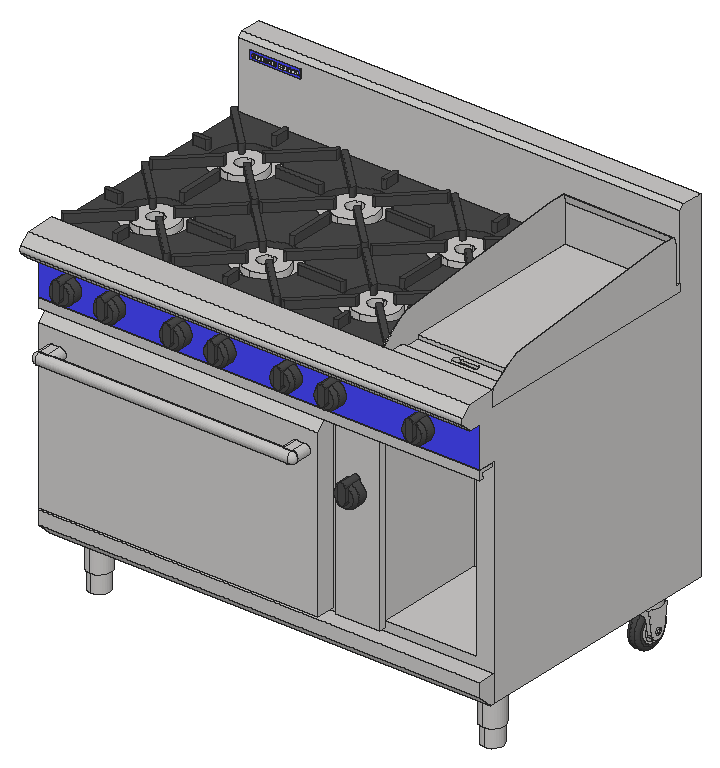
Revit family "QF_MOFFAT_BLUESEAL_CE_GE58C", category Specialty Equipment, Revit 2012 (continued)
Lines and regions (mm)
  symbolic lines
    curve 109: arc (636.836, -45.185, 0) -> (631.836, -43.845, 0) -> (628.176, -40.185, 0) r 10
    curve 110: line (628.176, -40.185, 0) -> (624.134, -33.185, 0)
    curve 111: arc (624.134, -33.185, 0) -> (624.134, -23.185, 0) -> (632.794, -18.185, 0) r 10
    curve 112: line (332.794, -18.185, 0) -> (560.753, -18.185, 0)
    curve 113: arc (560.753, -18.185, 0) -> (565.753, -19.525, 0) -> (569.413, -23.185, 0) r 10
    curve 114: line (569.413, -23.185, 0) -> (573.455, -30.185, 0)
    curve 115: arc (573.455, -30.185, 0) -> (573.455, -40.185, 0) -> (564.794, -45.185, 0) r 10
    curve 116: line (564.794, -45.185, 0) -> (336.836, -45.185, 0)
    curve 117: arc (336.836, -45.185, 0) -> (331.836, -43.845, 0) -> (328.176, -40.185, 0) r 10
    curve 118: line (328.176, -40.185, 0) -> (324.134, -33.185, 0)
    curve 119: arc (324.134, -33.185, 0) -> (324.134, -23.185, 0) -> (332.794, -18.185, 0) r 10
    curve 120: line (260.753, -18.185, 0) -> (32.794, -18.185, 0)
    curve 121: arc (32.794, -18.185, 0) -> (24.134, -23.185, 0) -> (24.134, -33.185, 0) r 10
    curve 122: line (24.134, -33.185, 0) -> (28.176, -40.185, 0)
    curve 123: arc (28.176, -40.185, 0) -> (31.836, -43.845, 0) -> (36.836, -45.185, 0) r 10
    curve 124: line (36.836, -45.185, 0) -> (264.794, -45.185, 0)
    curve 125: arc (264.794, -45.185, 0) -> (273.455, -40.185, 0) -> (273.455, -30.185, 0) r 10
    curve 126: line (273.455, -30.185, 0) -> (269.413, -23.185, 0)
    curve 127: arc (269.413, -23.185, 0) -> (265.753, -19.525, 0) -> (260.753, -18.185, 0) r 10
    curve 128: line (0, -57.5, 0) -> (1200, -57.5, 0)
    curve 129: line (0, -783.97, 0) -> (1200, -783.97, 0)
  symbolic lines, style "QF_Door-Drawer Clearances", visible <- "Show Clearance"
    curve 65: line (0, -1218.847, 0) -> (760, -1218.847, 0)
    curve 66: line (760, -1218.847, 0) -> (760, -812, 0)
    curve 67: line (0, -1218.847, 0) -> (0, -812, 0)
Dimensions and locks
  equal spacing: plane 3 "LEFT", plane 7 "Center Y", plane 4 "RIGHT"
  "Width": plane 3 "LEFT" to plane 4 "RIGHT"
  equal spacing: plane 5 "FRONT", plane 8 "Center X", plane 1 "BACK"
  plane 5 "FRONT" to plane 1 "BACK" = 812 mm  (x2)
  equal spacing: plane 4 "RIGHT", plane 7 "Center Y", plane 3 "LEFT"
  plane 4 "RIGHT" to plane 3 "LEFT" = 1200 mm
  "Height": plane 6 "TOP" to level
  plane 10 to plane 1 "BACK" = 574.272 mm
  plane 12 to plane 1 "BACK" = 304.972 mm  (x2)
  plane 11 to plane 3 "LEFT" = 60 mm
  plane 14 to plane 3 "LEFT" = 74 mm
  plane 9 to plane 3 "LEFT" = 280 mm
  "Depth": plane 1 "BACK" to plane 15
  plane 5 "FRONT" to plane 15 = 0 mm
  plane 6 "TOP" to plane 2 = 970 mm
  plane 2 to Extrusion 1 sketch curve = 875 mm
  locked: plane 2 to Extrusion 1 sketch curve at 915
  locked: plane 4 "RIGHT" to plane 16 at 65.5
  Extrusion 8 sketch curve to plane 20 = 64.8 mm
  Extrusion 31 sketch curve to plane 4 "RIGHT" = 374 mm
  Extrusion 31 sketch curve to plane 1 "BACK" = 501 mm
  plane 21 to level = 1085 mm
  Revolve 35 sketch curve to Revolve 35 sketch curve = 50.8 mm
  Revolve 39 sketch curve to Revolve 39 sketch curve = 50.8 mm
  aligned and locked: level to plane 2
  aligned and locked: curve 3 to plane 4 "RIGHT"
  aligned and locked: Extrusion 1 to plane 4 "RIGHT"
  aligned and locked: plane 16 to Revolve 4
  aligned and locked: Extrusion 26 to Extrusion 2
Automatic sketch dimensions
  Extrusion 2 sketch curve to Extrusion 2 sketch curve = 24 mm
  Extrusion 2 sketch curve to Extrusion 2 sketch curve = 50 mm
  level to Extrusion 2 sketch curve = 227.5 mm
  Extrusion 3 sketch curve to Extrusion 3 sketch curve = 15 mm
  level to Extrusion 3 sketch curve = 227.5 mm
  Revolve 4 sketch curve to level = 0 mm
  Revolve 4 sketch curve to plane 10 = 82.478 mm
  Revolve 4 sketch curve to Revolve 4 sketch curve = 4.25 mm
  Revolve 4 sketch curve to Revolve 4 sketch curve = 27.5 mm  (x2)
  level to Revolve 4 sketch curve = 50 mm
  Revolve 4 sketch curve to Revolve 4 sketch curve = 0 mm
  Revolve 4 sketch curve to Revolve 4 sketch curve = 100 mm
  Revolve 4 sketch curve to Revolve 4 sketch curve = 55 mm
  Revolve 5 sketch curve to level = 0 mm
  Revolve 5 sketch curve to plane 10 = 82.478 mm
  Revolve 5 sketch curve to Revolve 5 sketch curve = 4.25 mm
  Revolve 5 sketch curve to Revolve 5 sketch curve = 27.5 mm  (x2)
  Revolve 5 sketch curve to level = 55 mm
  Revolve 5 sketch curve to Revolve 5 sketch curve = 50 mm
  Revolve 5 sketch curve to Revolve 5 sketch curve = 0 mm
  Revolve 5 sketch curve to Revolve 5 sketch curve = 100 mm
  plane 17 to Extrusion 6 sketch curve = 0 mm
  Extrusion 6 sketch curve to plane 16 = 64.5 mm
  Revolve 10 sketch curve to plane 5 "FRONT" = 19 mm
  Revolve 10 sketch curve to Revolve 10 sketch curve = 0 mm  (x2)
  Revolve 10 sketch curve to Revolve 10 sketch curve = 11 mm
  Revolve 10 sketch curve to Revolve 10 sketch curve = 12.7 mm
  Revolve 10 sketch curve to Revolve 10 sketch curve = 23 mm
  Revolve 10 sketch curve to Revolve 10 sketch curve = 10 mm
  plane 18 to Revolve 10 sketch curve = 141.882 mm
  Revolve 10 sketch curve to Revolve 10 sketch curve = 5 mm
  Revolve 10 sketch curve to Revolve 10 sketch curve = 26.651 mm
  Revolve 10 sketch curve to Revolve 10 sketch curve = 5.849 mm
  Revolve 11 sketch curve to plane 5 "FRONT" = 19 mm
  Revolve 11 sketch curve to Revolve 11 sketch curve = 0 mm  (x2)
  Revolve 11 sketch curve to Revolve 11 sketch curve = 11 mm
  Revolve 11 sketch curve to Revolve 11 sketch curve = 12.7 mm
  Revolve 11 sketch curve to Revolve 11 sketch curve = 23 mm
  Revolve 11 sketch curve to Revolve 11 sketch curve = 10 mm
  plane 18 to Revolve 11 sketch curve = 141.882 mm
  Revolve 11 sketch curve to Revolve 11 sketch curve = 5 mm
  Revolve 11 sketch curve to Revolve 11 sketch curve = 26.651 mm
  Revolve 11 sketch curve to Revolve 11 sketch curve = 5.849 mm
  Revolve 12 sketch curve to plane 5 "FRONT" = 19 mm
  Revolve 12 sketch curve to Revolve 12 sketch curve = 0 mm  (x2)
  Revolve 12 sketch curve to Revolve 12 sketch curve = 11 mm
  Revolve 12 sketch curve to Revolve 12 sketch curve = 12.7 mm
  Revolve 12 sketch curve to Revolve 12 sketch curve = 23 mm
  Revolve 12 sketch curve to Revolve 12 sketch curve = 10 mm
  plane 18 to Revolve 12 sketch curve = 174.382 mm
  Revolve 12 sketch curve to Revolve 12 sketch curve = 5.849 mm
  Revolve 12 sketch curve to Revolve 12 sketch curve = 27.5 mm
  Revolve 12 sketch curve to Revolve 12 sketch curve = 5 mm
  Revolve 13 sketch curve to plane 5 "FRONT" = 19 mm
  Revolve 13 sketch curve to Revolve 13 sketch curve = 0 mm  (x2)
  Revolve 13 sketch curve to Revolve 13 sketch curve = 11 mm
  Revolve 13 sketch curve to Revolve 13 sketch curve = 12.7 mm
  Revolve 13 sketch curve to Revolve 13 sketch curve = 23 mm
  Revolve 13 sketch curve to Revolve 13 sketch curve = 10 mm
  plane 18 to Revolve 13 sketch curve = 174.382 mm
  Revolve 13 sketch curve to Revolve 13 sketch curve = 5.849 mm
  Revolve 13 sketch curve to Revolve 13 sketch curve = 27.5 mm
  Revolve 13 sketch curve to Revolve 13 sketch curve = 5 mm
  Revolve 14 sketch curve to plane 5 "FRONT" = 19 mm
  Revolve 14 sketch curve to Revolve 14 sketch curve = 0 mm  (x2)
  Revolve 14 sketch curve to Revolve 14 sketch curve = 11 mm
  Revolve 14 sketch curve to Revolve 14 sketch curve = 12.7 mm
  Revolve 14 sketch curve to Revolve 14 sketch curve = 23 mm
  Revolve 14 sketch curve to Revolve 14 sketch curve = 10 mm
  plane 18 to Revolve 14 sketch curve = 174.382 mm
  Revolve 14 sketch curve to Revolve 14 sketch curve = 5.849 mm
  Revolve 14 sketch curve to Revolve 14 sketch curve = 27.5 mm
  Revolve 14 sketch curve to Revolve 14 sketch curve = 5 mm
  Revolve 15 sketch curve to plane 5 "FRONT" = 19 mm
  Revolve 15 sketch curve to Revolve 15 sketch curve = 0 mm  (x2)
  Revolve 15 sketch curve to Revolve 15 sketch curve = 11 mm
  Revolve 15 sketch curve to Revolve 15 sketch curve = 12.7 mm
  Revolve 15 sketch curve to Revolve 15 sketch curve = 23 mm
  Revolve 15 sketch curve to Revolve 15 sketch curve = 10 mm
  plane 18 to Revolve 15 sketch curve = 174.382 mm
  Revolve 15 sketch curve to Revolve 15 sketch curve = 5.849 mm
  Revolve 15 sketch curve to Revolve 15 sketch curve = 27.5 mm
  Revolve 15 sketch curve to Revolve 15 sketch curve = 5 mm
  Revolve 16 sketch curve to plane 5 "FRONT" = 19 mm
  Revolve 16 sketch curve to Revolve 16 sketch curve = 0 mm  (x2)
  Revolve 16 sketch curve to Revolve 16 sketch curve = 11 mm
  Revolve 16 sketch curve to Revolve 16 sketch curve = 12.7 mm
  Revolve 16 sketch curve to Revolve 16 sketch curve = 23 mm
  Revolve 16 sketch curve to Revolve 16 sketch curve = 10 mm
  plane 18 to Revolve 16 sketch curve = 141.882 mm
  Revolve 16 sketch curve to Revolve 16 sketch curve = 5 mm
  Revolve 16 sketch curve to Revolve 16 sketch curve = 26.651 mm
  Revolve 16 sketch curve to Revolve 16 sketch curve = 5.849 mm
  plane 14 to Extrusion 17 sketch curve = 26.156 mm
  plane 14 to Extrusion 17 sketch curve = 16.156 mm
  plane 18 to Extrusion 17 sketch curve = 168.882 mm
  Extrusion 17 sketch curve to Extrusion 17 sketch curve = 35 mm
  Extrusion 18 sketch curve to plane 9 = 59.844 mm
  Extrusion 18 sketch curve to Extrusion 18 sketch curve = 10 mm
  plane 18 to Extrusion 18 sketch curve = 168.882 mm
  Extrusion 18 sketch curve to Extrusion 18 sketch curve = 35 mm
  plane 9 to Extrusion 19 sketch curve = 120.132 mm
  Extrusion 19 sketch curve to Extrusion 19 sketch curve = 10 mm
  plane 18 to Extrusion 19 sketch curve = 168.882 mm
  Extrusion 19 sketch curve to Extrusion 19 sketch curve = 35 mm
  Extrusion 20 sketch curve to plane 7 "Center Y" = 79.868 mm
  Extrusion 20 sketch curve to Extrusion 20 sketch curve = 10 mm
  plane 18 to Extrusion 20 sketch curve = 168.882 mm
  Extrusion 20 sketch curve to Extrusion 20 sketch curve = 35 mm
  plane 7 "Center Y" to Extrusion 21 sketch curve = 100.108 mm
  Extrusion 21 sketch curve to Extrusion 21 sketch curve = 10 mm
  plane 18 to Extrusion 21 sketch curve = 168.882 mm
  Extrusion 21 sketch curve to Extrusion 21 sketch curve = 35 mm
  plane 7 "Center Y" to Extrusion 22 sketch curve = 220.108 mm
  Extrusion 22 sketch curve to Extrusion 22 sketch curve = 10 mm
  plane 18 to Extrusion 22 sketch curve = 168.882 mm
  Extrusion 22 sketch curve to Extrusion 22 sketch curve = 35 mm
  Extrusion 23 sketch curve to plane 16 = 74.993 mm
  Extrusion 23 sketch curve to Extrusion 23 sketch curve = 10 mm
  plane 18 to Extrusion 23 sketch curve = 168.882 mm
  Extrusion 23 sketch curve to Extrusion 23 sketch curve = 35 mm
  Revolve 24 sketch curve to plane 5 "FRONT" = 54 mm
  Revolve 24 sketch curve to Revolve 24 sketch curve = 0 mm  (x2)
  Revolve 24 sketch curve to Revolve 24 sketch curve = 11 mm
  Revolve 24 sketch curve to Revolve 24 sketch curve = 12.7 mm
  Revolve 24 sketch curve to Revolve 24 sketch curve = 23 mm
  Revolve 24 sketch curve to Revolve 24 sketch curve = 10 mm
  Revolve 24 sketch curve to plane 18 = 104.368 mm
  Revolve 24 sketch curve to Revolve 24 sketch curve = 5 mm
  Revolve 24 sketch curve to Revolve 24 sketch curve = 26.651 mm
  Revolve 24 sketch curve to Revolve 24 sketch curve = 5.849 mm
  plane 7 "Center Y" to Extrusion 25 sketch curve = 227.344 mm
  Extrusion 25 sketch curve to Extrusion 25 sketch curve = 10 mm
  Extrusion 25 sketch curve to plane 18 = 112.368 mm
  Extrusion 25 sketch curve to Extrusion 25 sketch curve = 35 mm
  Extrusion 7 sketch curve to Extrusion 1 = 50 mm
  Extrusion 1 to Extrusion 7 sketch curve = 60.219 mm
  Extrusion 1 to Extrusion 7 sketch curve = 96 mm
  Extrusion 7 sketch curve to Extrusion 7 sketch curve = 250 mm
  Extrusion 26 sketch curve to Extrusion 2 = 0 mm  (x2)
  Extrusion 26 sketch curve to Extrusion 26 sketch curve = 469.847 mm
  Extrusion 27 sketch curve to plane 16 = 0.512 mm
  Extrusion 27 sketch curve to Extrusion 27 sketch curve = 81 mm
  Extrusion 27 sketch curve to plane 17 = 6.76 mm
  Extrusion 27 sketch curve to Extrusion 27 sketch curve = 48.5 mm
  Extrusion 27 sketch curve to plane 1 "BACK" = 30.24 mm
  Extrusion 27 sketch curve to plane 17 = 55.26 mm
  Extrusion 3 sketch curve to plane 5 "FRONT" = 98 mm
  plane 18 to Extrusion 3 sketch curve = 45 mm
  Extrusion 28 sketch curve to plane 11 = 1.472 mm
  Extrusion 28 sketch curve to plane 18 = 46.875 mm  (x2)
  Extrusion 28 sketch curve to Extrusion 28 sketch curve = 15 mm  (x2)
  plane 7 "Center Y" to Extrusion 28 sketch curve = 102.757 mm
  Extrusion 28 sketch curve to Extrusion 28 sketch curve = 20.282 mm  (x2)
  Revolve 29 sketch curve to plane 3 "LEFT" = 6.961 mm
  plane 3 "LEFT" to Revolve 29 sketch curve = 23.246 mm
  Revolve 29 sketch curve to plane 18 = 16.875 mm
  Revolve 29 sketch curve to Revolve 29 sketch curve = 15 mm
  Revolve 29 sketch curve to plane 7 "Center Y" = 11.961 mm
  plane 7 "Center Y" to Revolve 29 sketch curve = 123.039 mm
  Revolve 29 sketch curve to Revolve 29 sketch curve = 0 mm
  Extrusion 30 sketch curve to Extrusion 30 sketch curve = 0 mm  (x13)
  Extrusion 1 to Extrusion 30 sketch curve = 167.5 mm  (x3)
  Extrusion 30 sketch curve to Extrusion 1 = 167.5 mm  (x3)
  Extrusion 1 to Extrusion 30 sketch curve = 150 mm  (x2)
  Extrusion 30 sketch curve to Extrusion 30 sketch curve = 300 mm  (x3)
  plane 22 to Extrusion 8 sketch curve = 0 mm
  Extrusion 8 sketch curve to plane 22 = 3 mm  (x2)
  plane 10 to Extrusion 8 sketch curve = 36.504 mm  (x3)
  plane 12 to Extrusion 8 sketch curve = 67.472 mm  (x3)
  Extrusion 8 sketch curve to plane 17 = 42 mm  (x2)
  plane 4 "RIGHT" to Extrusion 8 sketch curve = 303 mm
  plane 14 to Extrusion 8 sketch curve = 76 mm  (x2)
  Extrusion 8 sketch curve to plane 7 "Center Y" = 150 mm  (x2)
  plane 7 "Center Y" to Extrusion 8 sketch curve = 150 mm  (x2)
  Split face 1 sketch curve to cut or joined group of Extrusion 1, Extrusion 7, Extrusion 27 = 27.315 mm
  Split face 1 sketch curve to cut or joined group of Extrusion 1, Extrusion 7, Extrusion 27 = 926.545 mm
  Split face 1 sketch curve to cut or joined group of Extrusion 1, Extrusion 7, Extrusion 27 = 23.185 mm
  Split face 1 sketch curve to Split face 1 sketch curve = 4.041 mm  (x4)
  Split face 1 sketch curve to Split face 1 sketch curve = 8.66 mm  (x2)
  Split face 1 sketch curve to cut or joined group of Extrusion 1, Extrusion 7, Extrusion 27 = 22.315 mm
  Split face 1 sketch curve to Split face 1 sketch curve = 223.917 mm
  Split face 1 sketch curve to cut or joined group of Extrusion 1, Extrusion 7, Extrusion 27 = 17.315 mm
  Split face 1 sketch curve to Split face 1 sketch curve = 17 mm
  Split face 1 sketch curve to Split face 1 sketch curve = 7 mm
  Split face 2 sketch curve to cut or joined group of Extrusion 1, Extrusion 7, Extrusion 27 = 27.315 mm
  Split face 2 sketch curve to cut or joined group of Extrusion 1, Extrusion 7, Extrusion 27 = 626.545 mm
  Split face 2 sketch curve to cut or joined group of Extrusion 1, Extrusion 7, Extrusion 27 = 23.185 mm
  Split face 2 sketch curve to Split face 2 sketch curve = 4.041 mm  (x4)
  Split face 2 sketch curve to Split face 2 sketch curve = 8.66 mm  (x2)
  Split face 2 sketch curve to cut or joined group of Extrusion 1, Extrusion 7, Extrusion 27 = 22.315 mm
  Split face 2 sketch curve to Split face 2 sketch curve = 223.917 mm
  Split face 2 sketch curve to cut or joined group of Extrusion 1, Extrusion 7, Extrusion 27 = 17.315 mm
  Split face 2 sketch curve to Split face 2 sketch curve = 17 mm
  Split face 2 sketch curve to Split face 2 sketch curve = 7 mm
  Split face 3 sketch curve to cut or joined group of Extrusion 1, Extrusion 7, Extrusion 27 = 27.315 mm
  Split face 3 sketch curve to cut or joined group of Extrusion 1, Extrusion 7, Extrusion 27 = 326.545 mm
  Split face 3 sketch curve to cut or joined group of Extrusion 1, Extrusion 7, Extrusion 27 = 23.185 mm
  Split face 3 sketch curve to Split face 3 sketch curve = 4.041 mm  (x4)
  Split face 3 sketch curve to Split face 3 sketch curve = 8.66 mm  (x2)
  Split face 3 sketch curve to cut or joined group of Extrusion 1, Extrusion 7, Extrusion 27 = 22.315 mm
  Split face 3 sketch curve to Split face 3 sketch curve = 223.917 mm
  Split face 3 sketch curve to cut or joined group of Extrusion 1, Extrusion 7, Extrusion 27 = 17.315 mm
  Split face 3 sketch curve to Split face 3 sketch curve = 17 mm
  Split face 3 sketch curve to Split face 3 sketch curve = 7 mm
  Split face 4 sketch curve to cut or joined group of Extrusion 1, Extrusion 7, Extrusion 27 = 27.315 mm
  Split face 4 sketch curve to cut or joined group of Extrusion 1, Extrusion 7, Extrusion 27 = 26.545 mm
  Split face 4 sketch curve to cut or joined group of Extrusion 1, Extrusion 7, Extrusion 27 = 23.185 mm
  Split face 4 sketch curve to Split face 4 sketch curve = 4.041 mm  (x4)
  Split face 4 sketch curve to Split face 4 sketch curve = 8.66 mm  (x2)
  Split face 4 sketch curve to cut or joined group of Extrusion 1, Extrusion 7, Extrusion 27 = 22.315 mm
  Split face 4 sketch curve to Split face 4 sketch curve = 223.917 mm
  Split face 4 sketch curve to cut or joined group of Extrusion 1, Extrusion 7, Extrusion 27 = 17.315 mm
  Split face 4 sketch curve to Split face 4 sketch curve = 17 mm
  Split face 4 sketch curve to Split face 4 sketch curve = 7 mm
  Extrusion 9 sketch curve to plane 17 = 61.602 mm  (x4)
  plane 9 to Extrusion 9 sketch curve = 4.847 mm  (x3)
  Extrusion 9 sketch curve to Extrusion 9 sketch curve = 0 mm  (x15)
  plane 3 "LEFT" to Extrusion 9 sketch curve = 15.153 mm
  Extrusion 9 sketch curve to plane 7 "Center Y" = 15.153 mm  (x3)
  plane 7 "Center Y" to Extrusion 9 sketch curve = 15.153 mm
  Extrusion 9 sketch curve to Extrusion 9 sketch curve = 4.525 mm  (x36)
  Extrusion 9 sketch curve to plane 17 = 67.398 mm  (x3)
  Extrusion 9 sketch curve to Extrusion 9 sketch curve = 36.204 mm  (x3)
  Extrusion 9 sketch curve to Extrusion 9 sketch curve = 65.923 mm  (x3)
  Extrusion 9 sketch curve to plane 11 = 9.416 mm  (x2)
  Extrusion 9 sketch curve to Extrusion 9 sketch curve = 19.533 mm
  Extrusion 9 sketch curve to Extrusion 9 sketch curve = 20.524 mm  (x11)
  Extrusion 9 sketch curve to Extrusion 9 sketch curve = 6.4 mm  (x17)
  plane 12 to Extrusion 9 sketch curve = 40.548 mm  (x6)
  Extrusion 9 sketch curve to plane 12 = 24.426 mm  (x3)
  Extrusion 9 sketch curve to plane 13 = 7.374 mm  (x6)
  plane 8 "Center X" to Extrusion 9 sketch curve = 8.898 mm  (x6)
  plane 8 "Center X" to Extrusion 9 sketch curve = 4.372 mm  (x6)
  Extrusion 9 sketch curve to plane 8 "Center X" = 43.102 mm  (x3)
  Extrusion 9 sketch curve to Extrusion 9 sketch curve = 55.923 mm  (x9)
  plane 10 to Extrusion 9 sketch curve = 43.646 mm
  plane 10 to Extrusion 9 sketch curve = 43.172 mm  (x3)
  plane 10 to Extrusion 9 sketch curve = 9.848 mm  (x6)
  plane 10 to Extrusion 9 sketch curve = 5.323 mm  (x6)
  Extrusion 9 sketch curve to plane 10 = 65.126 mm  (x3)
  plane 9 to Extrusion 9 sketch curve = 13.898 mm
  Extrusion 9 sketch curve to plane 22 = 32.653 mm  (x4)
  plane 7 "Center Y" to Extrusion 9 sketch curve = 6.102 mm  (x3)
  Extrusion 9 sketch curve to plane 7 "Center Y" = 6.102 mm
  plane 3 "LEFT" to Extrusion 9 sketch curve = 6.102 mm  (x3)
  Extrusion 9 sketch curve to plane 22 = 29.398 mm  (x3)
  plane 3 "LEFT" to Extrusion 9 sketch curve = 16.591 mm  (x2)
  plane 14 to Extrusion 9 sketch curve = 40.025 mm  (x4)
  plane 14 to Extrusion 9 sketch curve = 69.6 mm
  Extrusion 9 sketch curve to Extrusion 9 sketch curve = 53.847 mm  (x12)
  Extrusion 9 sketch curve to plane 9 = 38.102 mm  (x2)
  Extrusion 9 sketch curve to Extrusion 9 sketch curve = 12.205 mm  (x4)
  plane 9 to Extrusion 9 sketch curve = 78.102 mm  (x2)
  Extrusion 9 sketch curve to plane 7 "Center Y" = 58.102 mm  (x2)
  plane 7 "Center Y" to Extrusion 9 sketch curve = 58.102 mm  (x2)
  Extrusion 9 sketch curve to Extrusion 9 sketch curve = 128.447 mm  (x3)
  Extrusion 9 sketch curve to Extrusion 9 sketch curve = 49.974 mm  (x2)
  Extrusion 8 sketch curve to Extrusion 8 sketch curve = 3 mm
  curve 22 to curve 68 = 0 mm
  curve 23 to curve 69 = 0 mm
  curve 23 to curve 84 = 0 mm
  curve 24 to curve 90 = 0 mm
  curve 25 to curve 90 = 0 mm
  curve 31 to curve 86 = 0 mm
  curve 32 to curve 71 = 0 mm  (x2)
  curve 33 to curve 76 = 0 mm  (x2)
  curve 33 to curve 89 = 0 mm
  curve 61 to curve 93 = 0 mm
  curve 62 to curve 93 = 0 mm
  curve 63 to curve 94 = 0 mm
  curve 64 to curve 95 = 0 mm
  curve 68 to curve 85 = 0 mm
  curve 70 to curve 86 = 0 mm
  curve 77 to curve 89 = 0 mm
  plane 1 "BACK" to curve 1 = 0 mm
  curve 1 to plane 3 "LEFT" = 0 mm
  plane 5 "FRONT" to curve 9 = 0 mm
  plane 22 to curve 80 = 0 mm
  curve 82 to plane 7 "Center Y" = 0 mm
  plane 3 "LEFT" to curve 18 = 6.08 mm
  plane 3 "LEFT" to curve 12 = 6.08 mm
  plane 3 "LEFT" to curve 14 = 6.83 mm
  plane 3 "LEFT" to curve 20 = 9.883 mm
  plane 3 "LEFT" to curve 59 = 14.678 mm
  plane 3 "LEFT" to curve 60 = 14.678 mm
  plane 3 "LEFT" to curve 9 = 22.65 mm
  curve 122 to plane 17 = 1.185 mm
  plane 3 "LEFT" to curve 122 = 24.134 mm
  curve 121 to curve 123 = 4.041 mm
  curve 121 to curve 120 = 8.66 mm
  curve 123 to curve 124 = 8.66 mm
  curve 9 to plane 11 = 11.111 mm
  curve 59 to plane 11 = 10.322 mm
  curve 60 to plane 11 = 10.322 mm
  curve 9 to plane 11 = 9.192 mm
  plane 10 to curve 20 = 8.826 mm
  plane 14 to curve 20 = 47.515 mm
  plane 14 to curve 12 = 47.515 mm
  plane 14 to curve 18 = 47.515 mm
  plane 14 to curve 14 = 47.515 mm
  curve 20 to curve 54 = 27.682 mm
  plane 14 to curve 53 = 75.197 mm
  curve 48 to plane 12 = 20.285 mm
  curve 14 to curve 48 = 28.103 mm
  curve 54 to curve 72 = 0.803 mm
  plane 12 to curve 22 = 10.472 mm
  curve 48 to curve 22 = 0.382 mm
  curve 24 to curve 72 = 0 mm
  curve 84 to curve 13 = 28.485 mm
  plane 10 to curve 21 = 8.826 mm
  curve 90 to curve 21 = 28.485 mm
  plane 12 to curve 15 = 39.794 mm
  curve 84 to curve 15 = 28.485 mm
  curve 90 to curve 19 = 28.485 mm
  curve 16 to plane 9 = 42.22 mm
  curve 17 to plane 9 = 42.22 mm
  plane 17 to curve 127 = 3.815 mm
  curve 127 to plane 9 = 19.247 mm
  curve 125 to plane 17 = 3.185 mm
  curve 127 to curve 125 = 4.041 mm
  curve 127 to curve 126 = 8.66 mm
  plane 17 to curve 125 = 1.815 mm
  curve 125 to plane 9 = 6.545 mm
  plane 9 to curve 21 = 11.622 mm
  plane 9 to curve 15 = 12.516 mm
  plane 9 to curve 13 = 13.92 mm
  plane 9 to curve 19 = 13.92 mm
  plane 9 to curve 80 = 20.232 mm
  curve 13 to curve 26 = 12.16 mm
  plane 8 "Center X" to curve 40 = 7.845 mm
  curve 19 to curve 40 = 12.16 mm
  curve 15 to curve 28 = 14.753 mm
  curve 21 to curve 42 = 16.756 mm
  curve 119 to plane 17 = 1.185 mm
  plane 9 to curve 119 = 44.134 mm
  curve 118 to plane 17 = 8.185 mm
  curve 118 to curve 118 = 4.041 mm
  plane 17 to curve 119 = 13.815 mm
  curve 119 to curve 119 = 8.66 mm
  curve 117 to plane 17 = 3.185 mm
  curve 119 to curve 117 = 4.041 mm
  plane 10 to curve 17 = 36.462 mm
  plane 9 to curve 17 = 82.78 mm
  plane 9 to curve 16 = 82.78 mm
  plane 10 to curve 40 = 64.183 mm
  curve 17 to curve 40 = 58.735 mm
  plane 10 to curve 42 = 8.826 mm
  curve 42 to curve 40 = 0 mm
  plane 12 to curve 28 = 39.794 mm
  curve 16 to curve 28 = 58.735 mm
  curve 26 to curve 28 = 0 mm
  curve 56 to plane 22 = 30.193 mm
  curve 42 to curve 56 = 27.682 mm
  curve 26 to curve 55 = 27.682 mm
  curve 49 to plane 12 = 20.285 mm
  curve 28 to curve 49 = 28.103 mm
  curve 26 to curve 87 = 28.485 mm
  curve 40 to curve 61 = 28.485 mm
  curve 56 to curve 75 = 0.803 mm
  plane 12 to curve 29 = 39.794 mm
  curve 87 to curve 29 = 28.485 mm
  plane 10 to curve 43 = 8.826 mm
  curve 92 to curve 43 = 28.485 mm
  curve 87 to curve 27 = 28.485 mm
  curve 92 to curve 41 = 28.485 mm
  curve 30 to plane 7 "Center Y" = 62.22 mm
  curve 51 to plane 7 "Center Y" = 62.22 mm
  plane 17 to curve 113 = 3.815 mm
  curve 113 to plane 7 "Center Y" = 39.247 mm
  curve 115 to plane 17 = 3.185 mm
  curve 113 to curve 115 = 4.041 mm
  plane 17 to curve 113 = 8.815 mm
  plane 17 to curve 115 = 1.815 mm
  curve 29 to plane 7 "Center Y" = 7.327 mm
  curve 43 to plane 7 "Center Y" = 6.445 mm
  curve 41 to plane 7 "Center Y" = 6.08 mm
  curve 27 to plane 7 "Center Y" = 6.08 mm
  plane 7 "Center Y" to curve 35 = 6.08 mm
  plane 7 "Center Y" to curve 44 = 6.08 mm
  plane 7 "Center Y" to curve 46 = 7.19 mm
  plane 7 "Center Y" to curve 37 = 7.348 mm
  curve 110 to plane 17 = 1.185 mm
  plane 7 "Center Y" to curve 110 = 24.134 mm
  curve 111 to curve 109 = 4.041 mm  (x2)
  plane 17 to curve 104 = 13.815 mm
  curve 111 to curve 104 = 8.66 mm
  curve 109 to plane 17 = 3.185 mm
  plane 7 "Center Y" to curve 30 = 62.78 mm
  plane 7 "Center Y" to curve 51 = 62.78 mm
  curve 11 to plane 5 "FRONT" = 14.544 mm
  plane 7 "Center Y" to curve 11 = 118.108 mm
  curve 51 to curve 44 = 58.735 mm
  plane 10 to curve 46 = 8.826 mm
  curve 46 to curve 44 = 0 mm
  curve 30 to curve 35 = 58.735 mm
  plane 12 to curve 37 = 39.794 mm
  curve 37 to curve 35 = 0 mm
  curve 10 to curve 11 = 25.191 mm
  curve 35 to curve 57 = 27.682 mm
  curve 46 to curve 58 = 27.682 mm
  curve 50 to plane 12 = 20.285 mm
  curve 37 to curve 50 = 28.103 mm
  curve 50 to curve 64 = 0.382 mm
  curve 37 to curve 34 = 28.485 mm
  curve 50 to curve 79 = 0.382 mm
  curve 11 to curve 66 = 16.7 mm
  plane 12 to curve 38 = 39.794 mm
  curve 89 to curve 38 = 28.485 mm
  plane 10 to curve 45 = 64.183 mm
  curve 94 to curve 45 = 28.485 mm
  curve 89 to curve 36 = 28.485 mm
  plane 10 to curve 47 = 8.826 mm
  curve 95 to curve 47 = 28.485 mm
  curve 47 to curve 52 = 59.295 mm
  curve 38 to curve 39 = 59.295 mm
  curve 57 to curve 105 = 111.556 mm
  curve 107 to plane 17 = 3.185 mm
  curve 105 to curve 107 = 4.041 mm
  plane 17 to curve 106 = 8.815 mm
  curve 105 to curve 106 = 8.66 mm
  plane 17 to curve 107 = 1.815 mm
  curve 106 to curve 107 = 4.041 mm
  curve 47 to plane 22 = 24.95 mm
  curve 58 to curve 47 = 143.891 mm
  plane 8 "Center X" to curve 45 = 7.845 mm
  curve 52 to curve 45 = 56.14 mm
  curve 38 to plane 13 = 15.641 mm
  curve 38 to curve 45 = 0 mm
  curve 36 to plane 17 = 62.387 mm
  curve 107 to curve 36 = 29.126 mm
  curve 39 to curve 39 = 58.527 mm
  curve 52 to curve 52 = 58.637 mm
  curve 36 to curve 83 = 6.08 mm
  curve 98 to plane 17 = 1.185 mm
  curve 83 to curve 98 = 24.134 mm
  curve 98 to plane 17 = 8.185 mm
  curve 98 to curve 98 = 4.041 mm
  curve 97 to curve 97 = 8.66 mm
  curve 99 to plane 17 = 3.185 mm
  curve 97 to curve 99 = 4.041 mm
  plane 17 to curve 103 = 13.815 mm
  plane 16 to curve 103 = 26.253 mm
  curve 103 to curve 101 = 4.041 mm
  curve 103 to curve 103 = 8.66 mm
  plane 17 to curve 102 = 1.815 mm
  curve 102 to curve 102 = 4.041 mm
  curve 65 to curve 10 = 392.303 mm
  plane 22 to curve 6 = 3.3 mm
  curve 43 to plane 22 = 24.484 mm
  curve 43 to curve 46 = 0.745 mm
  curve 42 to plane 22 = 26.417 mm
  curve 21 to curve 42 = 0 mm
  curve 20 to plane 22 = 27.922 mm
  curve 54 to plane 22 = 30.193 mm
  curve 58 to plane 22 = 30.193 mm
  curve 58 to curve 58 = 40 mm
  curve 54 to curve 54 = 40 mm
  curve 56 to curve 56 = 40 mm
  curve 56 to curve 74 = 12.039 mm
  curve 58 to curve 78 = 12.039 mm
  curve 54 to curve 73 = 12.039 mm
  curve 62 to plane 10 = 20.228 mm
  curve 64 to plane 10 = 20.228 mm
  curve 24 to plane 10 = 20.228 mm
  plane 10 to curve 95 = 14.772 mm
  plane 10 to curve 92 = 14.772 mm
  plane 10 to curve 90 = 14.772 mm
  plane 10 to curve 51 = 36.462 mm
  plane 10 to curve 52 = 36.462 mm
  curve 94 to curve 78 = 21.732 mm
  curve 92 to curve 75 = 21.732 mm
  curve 90 to curve 72 = 21.732 mm
  curve 72 to curve 90 = 0.268 mm
  curve 78 to curve 95 = 0.268 mm
  curve 74 to curve 93 = 0.268 mm
  plane 10 to curve 60 = 37.763 mm
  curve 90 to curve 19 = 5.411 mm
  curve 92 to curve 41 = 5.411 mm
  curve 91 to curve 18 = 5.411 mm
  curve 94 to curve 44 = 5.411 mm
  curve 78 to curve 50 = 2.51 mm
  curve 72 to curve 48 = 2.51 mm
  curve 74 to curve 49 = 2.51 mm
  plane 8 "Center X" to curve 19 = 7.845 mm
  plane 8 "Center X" to curve 41 = 7.845 mm
  plane 8 "Center X" to curve 44 = 7.845 mm
  plane 8 "Center X" to curve 18 = 7.845 mm
  curve 18 to curve 81 = 7.846 mm
  curve 81 to curve 14 = 10.445 mm
  curve 28 to plane 13 = 14.452 mm
  curve 29 to plane 13 = 14.394 mm
  curve 37 to plane 13 = 14.373 mm
  curve 15 to plane 13 = 14.238 mm
  curve 49 to curve 70 = 2.758 mm
  curve 48 to curve 69 = 2.758 mm
  curve 50 to curve 76 = 2.758 mm
  plane 12 to curve 33 = 10.472 mm
  plane 12 to curve 32 = 10.472 mm
  plane 12 to curve 14 = 39.794 mm
  curve 15 to curve 84 = 5.678 mm
  curve 29 to curve 87 = 5.678 mm
  curve 37 to curve 88 = 5.678 mm
  curve 15 to curve 16 = 27.368 mm
  curve 37 to curve 30 = 27.368 mm
  curve 38 to curve 39 = 27.368 mm
  curve 88 to curve 34 = 22 mm
  curve 86 to curve 86 = 22 mm
  curve 84 to curve 23 = 22 mm
  plane 12 to curve 59 = 68.463 mm
  curve 89 to curve 36 = 5.678 mm
  curve 86 to curve 26 = 5.678 mm
  curve 87 to curve 27 = 5.678 mm
  curve 84 to curve 13 = 5.678 mm
  curve 85 to curve 12 = 5.678 mm
  curve 88 to curve 35 = 5.678 mm
  curve 77 to curve 57 = 12.693 mm
  curve 70 to curve 55 = 12.693 mm
  curve 68 to curve 53 = 12.693 mm
  curve 57 to curve 57 = 45 mm
  curve 55 to curve 55 = 45 mm
  curve 53 to curve 53 = 45 mm
  curve 13 to curve 125 = 49.201 mm
  curve 13 to curve 26 = 0 mm
  curve 27 to curve 115 = 49.201 mm
  curve 27 to curve 35 = 0 mm
  curve 12 to curve 123 = 49.201 mm
  curve 26 to curve 80 = 21.653 mm
  curve 8 to curve 4 = 2.734 mm
  curve 122 to curve 121 = 7 mm
  plane 17 to curve 103 = 3.815 mm
  plane 17 to curve 121 = 3.815 mm
  Extrusion 32 sketch curve to plane 17 = 99.75 mm
  Extrusion 32 sketch curve to Extrusion 32 sketch curve = 12.357 mm
  Extrusion 32 sketch curve to Extrusion 32 sketch curve = 19.393 mm  (x2)
  level to Extrusion 32 sketch curve = 45.111 mm
  Extrusion 32 sketch curve to plane 17 = 36.25 mm
  Extrusion 32 sketch curve to Extrusion 32 sketch curve = 4.889 mm
  Extrusion 32 sketch curve to Extrusion 32 sketch curve = 64.889 mm
  Revolve 33 sketch curve to plane 17 = 103.75 mm
  Revolve 33 sketch curve to plane 17 = 68 mm
  Revolve 33 sketch curve to Revolve 33 sketch curve = 35.75 mm
  Revolve 33 sketch curve to level = 55 mm
  level to Revolve 33 sketch curve = 50 mm
  Revolve 33 sketch curve to Revolve 33 sketch curve = 60 mm
  Revolve 33 sketch curve to Revolve 33 sketch curve = 40 mm
  Revolve 34 sketch curve to plane 17 = 103.75 mm
  Revolve 34 sketch curve to plane 17 = 68 mm
  Revolve 34 sketch curve to Revolve 34 sketch curve = 35.75 mm
  level to Revolve 34 sketch curve = 150 mm
  Revolve 34 sketch curve to Revolve 34 sketch curve = 40 mm
  level to Revolve 34 sketch curve = 50 mm
  Revolve 34 sketch curve to level = 55 mm
  Revolve 35 sketch curve to plane 16 = 34.382 mm
  Revolve 35 sketch curve to Revolve 35 sketch curve = 1.27 mm  (x4)
  Revolve 35 sketch curve to Revolve 35 sketch curve = 1.524 mm  (x2)
  Revolve 35 sketch curve to Revolve 35 sketch curve = 12.146 mm  (x2)
  Revolve 35 sketch curve to plane 16 = 16.68 mm
  Revolve 35 sketch curve to Revolve 35 sketch curve = 0.794 mm  (x2)
  Revolve 35 sketch curve to Revolve 35 sketch curve = 3.57 mm
  Revolve 35 sketch curve to Revolve 35 sketch curve = 2.143 mm
  Revolve 35 sketch curve to plane 16 = 6.361 mm
  plane 16 to Revolve 35 sketch curve = 5.13 mm
  plane 16 to Revolve 35 sketch curve = 6.339 mm
  plane 16 to Revolve 35 sketch curve = 14.515 mm
  Revolve 35 sketch curve to Revolve 35 sketch curve = 1.349 mm  (x2)
  Revolve 35 sketch curve to Revolve 35 sketch curve = 3.556 mm
  Revolve 35 sketch curve to plane 4 "RIGHT" = 2.18 mm
  level to Revolve 35 sketch curve = 50.8 mm
  Revolve 35 sketch curve to Revolve 35 sketch curve = 0 mm
  Revolve 35 sketch curve to Revolve 35 sketch curve = 3.505 mm  (x2)
  Revolve 35 sketch curve to Revolve 35 sketch curve = 3.447 mm  (x2)
  Revolve 35 sketch curve to Revolve 35 sketch curve = 9.964 mm
  Revolve 35 sketch curve to Revolve 35 sketch curve = 10.045 mm
  Revolve 35 sketch curve to Revolve 35 sketch curve = 2.053 mm
  Revolve 35 sketch curve to Revolve 35 sketch curve = 2.061 mm
  Revolve 35 sketch curve to Revolve 35 sketch curve = 8.247 mm
  Revolve 35 sketch curve to Revolve 35 sketch curve = 8.336 mm
  Revolve 35 sketch curve to Revolve 35 sketch curve = 6.35 mm  (x2)
  Extrusion 36 sketch curve to plane 17 = 99.75 mm
  Extrusion 36 sketch curve to Extrusion 36 sketch curve = 12.357 mm
  Extrusion 36 sketch curve to Extrusion 36 sketch curve = 19.393 mm  (x2)
  level to Extrusion 36 sketch curve = 45.111 mm
  Extrusion 36 sketch curve to plane 17 = 36.25 mm
  Extrusion 36 sketch curve to Extrusion 36 sketch curve = 4.889 mm
  Extrusion 36 sketch curve to Extrusion 36 sketch curve = 64.889 mm
  Revolve 37 sketch curve to level = 0 mm
  Revolve 37 sketch curve to plane 17 = 99.75 mm
  Revolve 37 sketch curve to Revolve 37 sketch curve = 4.25 mm
  Revolve 37 sketch curve to Revolve 37 sketch curve = 27.5 mm  (x2)
  Revolve 37 sketch curve to level = 55 mm
  Revolve 37 sketch curve to Revolve 37 sketch curve = 50 mm
  Revolve 37 sketch curve to Revolve 37 sketch curve = 0 mm
  Revolve 37 sketch curve to Revolve 37 sketch curve = 100 mm
  Revolve 38 sketch curve to level = 0 mm
  Revolve 38 sketch curve to plane 17 = 99.75 mm
  Revolve 38 sketch curve to Revolve 38 sketch curve = 4.25 mm
  Revolve 38 sketch curve to Revolve 38 sketch curve = 27.5 mm  (x2)
  level to Revolve 38 sketch curve = 50 mm
  Revolve 38 sketch curve to Revolve 38 sketch curve = 0 mm
  Revolve 38 sketch curve to Revolve 38 sketch curve = 100 mm
  Revolve 38 sketch curve to Revolve 38 sketch curve = 55 mm
  plane 14 to Revolve 39 sketch curve = 25.382 mm
  Revolve 39 sketch curve to Revolve 39 sketch curve = 1.27 mm  (x4)
  Revolve 39 sketch curve to Revolve 39 sketch curve = 1.524 mm  (x2)
  plane 14 to Revolve 39 sketch curve = 10.442 mm
  plane 14 to Revolve 39 sketch curve = 7.68 mm
  Revolve 39 sketch curve to Revolve 39 sketch curve = 0.794 mm  (x2)
  Revolve 39 sketch curve to Revolve 39 sketch curve = 3.57 mm
  Revolve 39 sketch curve to Revolve 39 sketch curve = 2.143 mm
  Revolve 39 sketch curve to plane 14 = 2.639 mm
  Revolve 39 sketch curve to plane 11 = 0.13 mm
  Revolve 39 sketch curve to plane 11 = 1.339 mm
  Revolve 39 sketch curve to plane 11 = 9.515 mm
  Revolve 39 sketch curve to Revolve 39 sketch curve = 1.349 mm  (x2)
  Revolve 39 sketch curve to Revolve 39 sketch curve = 3.556 mm
  Revolve 39 sketch curve to Revolve 39 sketch curve = 12.146 mm
  Revolve 39 sketch curve to plane 3 "LEFT" = 2.68 mm
  level to Revolve 39 sketch curve = 101.6 mm
  Revolve 39 sketch curve to Revolve 39 sketch curve = 6.35 mm  (x4)
  Revolve 39 sketch curve to Revolve 39 sketch curve = 8.247 mm
  Revolve 39 sketch curve to Revolve 39 sketch curve = 8.336 mm
  Revolve 39 sketch curve to Revolve 39 sketch curve = 2.061 mm
  Revolve 39 sketch curve to Revolve 39 sketch curve = 2.053 mm
  Revolve 39 sketch curve to Revolve 39 sketch curve = 10.045 mm
  Revolve 39 sketch curve to Revolve 39 sketch curve = 9.964 mm
  Revolve 39 sketch curve to Revolve 39 sketch curve = 3.447 mm  (x2)
  Revolve 39 sketch curve to Revolve 39 sketch curve = 3.505 mm
  curve 4 to curve 128 = 12.5 mm
  curve 129 to plane 5 "FRONT" = 28.03 mm
  Extrusion 1 sketch curve to plane 22 = 0 mm
  Extrusion 1 sketch curve to plane 21 = 0 mm
  Extrusion 1 sketch curve to plane 1 "BACK" = 0 mm
  plane 22 to Extrusion 1 sketch curve = 2.93 mm
  plane 22 to Extrusion 1 sketch curve = 35.224 mm
  Extrusion 1 sketch curve to Extrusion 1 sketch curve = 2.389 mm
  Extrusion 1 sketch curve to Extrusion 1 sketch curve = 6.387 mm
  Extrusion 1 sketch curve to Extrusion 1 sketch curve = 0 mm  (x2)
  Extrusion 1 sketch curve to plane 5 "FRONT" = 28.03 mm
  Extrusion 1 sketch curve to plane 5 "FRONT" = 27.03 mm
  Extrusion 1 sketch curve to plane 5 "FRONT" = 11.991 mm
  Extrusion 1 sketch curve to plane 5 "FRONT" = 3.51 mm  (x2)
  Extrusion 1 sketch curve to plane 22 = 6 mm
  Extrusion 1 sketch curve to plane 21 = 12.5 mm
  Extrusion 1 sketch curve to plane 17 = 38 mm
  Extrusion 1 sketch curve to Extrusion 1 sketch curve = 12.5 mm
  Extrusion 1 sketch curve to Extrusion 1 sketch curve = 41.48 mm
  Extrusion 1 sketch curve to Extrusion 1 sketch curve = 23.52 mm
  plane 18 to Extrusion 1 sketch curve = 85 mm
  Extrusion 1 sketch curve to Extrusion 1 sketch curve = 2.216 mm
  Extrusion 1 sketch curve to Extrusion 1 sketch curve = 7.004 mm
  Extrusion 1 sketch curve to Extrusion 1 sketch curve = 16.999 mm
  Extrusion 1 sketch curve to Extrusion 1 sketch curve = 36.5 mm
  Extrusion 1 sketch curve to Extrusion 1 sketch curve = 8.48 mm
  plane 22 to Extrusion 1 sketch curve = 44 mm
  Extrusion 1 sketch curve to plane 22 = 1.8 mm
  Extrusion 1 sketch curve to Extrusion 1 sketch curve = 36 mm
  level to Extrusion 1 sketch curve = 150 mm
  plane 22 to Extrusion 1 sketch curve = 8 mm
  plane 22 to Extrusion 2 sketch curve = 44 mm
  plane 18 to Extrusion 2 sketch curve = 21 mm
  plane 18 to Extrusion 2 sketch curve = 45 mm
  radius of Extrusion 6 sketch curve = 10 mm
  radius of Extrusion 30 sketch curve = 57 mm  (x6)
  radius of Extrusion 30 sketch curve = 22 mm  (x6)
  radius of Extrusion 31 sketch curve = 6.35 mm
  radius of Extrusion 8 sketch curve = 85 mm  (x6)
Nested families
  nested 1: "WALDORF LOGO_FACE BASE" at (32, -70, 1056.385) x (1, 0, 0) z (0, -1, 0), visible <- "Show Logo", type "WALDORF LOGO_FACE BASE", detail levels medium+fine
    with Show Logo yes
  nested 2: "GAS GRIDDLE PLATE 300" at (900, -85, 874.5), type "GAS GRIDDLE PLATE 300"
    with Width 300 mm, Type Mark "", Status "", Specification by User "", Revision Code "", Item Number "", Installed By "", Identify Quantity as Lot yes, Furnished By "", Foodservice Equipment Identifier yes, Depth 620 mm
Connectors
  piping at (1070, -32, 655)
    settings: on Extrusion 6, index 4, connector radius 0.37402", flow factor 0, pipe flow 0 GPM, pressure drop 0.00 psi, fitting loss kfactor 0, connector angle 0.00°, fixture units 0, engagement length 0 mm, flow configuration 1, flow direction 1, fitting loss method 0, system type 7, joint type 0, gender type 0, connector reference index -1, connector utility 0, adjustable connector no, is connector primary yes, fitting loss table "", connector description "GAS CONNECTION"
  electrical at (826, -501, 148.072), driven by "Volts", driven by "Watts"
    settings: on Extrusion 31, index 5, voltage 400 V, apparent load 6600 VA, apparent load phase1 0 VA, apparent load phase2 0 VA, apparent load phase3 0 VA, power factor 1, load classification "Other", number of poles 1, system type 30, power factor state 1, is connector primary yes, connector utility no, sub classification motor no, connector description "ELECTRICAL CONNECTION"
Definition of nested family "WALDORF LOGO_FACE BASE"
  Parameters (values of type "WALDORF LOGO_FACE BASE")
    Show Logo [instance] = yes
    Default Elevation = 1219.2 mm
  Reference planes
    plane 1 "Center (Front/Back)": y = 0
    plane 2: z = 0
    plane 3 "Center (Left/Right)": x = 0
  Forms (mm)
    Extrusion 1, solid
      sketch origin (0, 0, 0) x (1, 0, 0) y (0, 1, 0)
        loop
          line (-1219.2, 1219.2) -> (-1219.2, -1219.2) -> (1219.2, -1219.2) -> (1219.2, 1219.2) -> (-1219.2, 1219.2)
      from 0 to -304.8
    Extrusion 2, solid, material "QF_Finishes_Blue", visible <- "Show Logo"
      sketch origin (0, -33.217, 0) x (1, 0, 0) y (0, 1, 0)
        loop
          arc (138, 31.942) -> (137.626, 32.844) -> (136.724, 33.217) r 1.276
          line (136.724, 33.217) -> (1.29, 33.217)
          arc (1.29, 33.217) -> (0.378, 32.839) -> (0, 31.927) r 1.29
          line (0, 31.927) -> (0, 11.507)
          arc (0, 11.507) -> (0.378, 10.595) -> (1.29, 10.217) r 1.29
          line (1.29, 10.217) -> (136.71, 10.217)
          arc (136.71, 10.217) -> (137.622, 10.595) -> (138, 11.507) r 1.29
          line (138, 11.507) -> (138, 31.942)
      from 0 to 1.588
    Extrusion 3, solid, material "QF_Finishes_White", visible <- "Show Logo"
      sketch origin (0, -33.217, 1.588) x (1, 0, 0) y (0, 1, 0)
        loop
          arc (108.946, 25.919) -> (107.613, 25.367) -> (107.061, 24.034) r 1.885
          line (107.061, 24.034) -> (107.061, 17.211) -> (112.704, 17.211) -> (112.704, 19.129) -> (115.546, 19.129) -> (115.546, 17.211) -> (121.584, 17.211) -> (121.584, 24.075)
          arc (121.584, 24.075) -> (121.043, 25.379) -> (119.739, 25.919) r 1.845
          line (119.739, 25.919) -> (108.946, 25.919)
        loop
          line (123.478, 25.919) -> (123.478, 17.163) -> (134.904, 17.163) -> (134.904, 19.129) -> (129.246, 19.129) -> (129.246, 25.919) -> (123.478, 25.919)
        loop
          line (112.704, 21.258) -> (115.546, 21.258) -> (115.546, 22.702)
          arc (115.546, 22.702) -> (115.344, 23.188) -> (114.858, 23.389) r 0.687
          line (114.858, 23.389) -> (113.363, 23.389)
          arc (113.363, 23.389) -> (112.897, 23.196) -> (112.704, 22.73) r 0.658
          line (112.704, 22.73) -> (112.704, 21.258)
        loop
          line (105.071, 25.919) -> (93.771, 25.919) -> (93.771, 17.163) -> (105.071, 17.163) -> (105.071, 19.063) -> (99.535, 19.063) -> (99.535, 20.437) -> (105.071, 20.437) -> (105.071, 22.278) -> (99.535, 22.278) -> (99.535, 23.587) -> (105.071, 23.587) -> (105.071, 25.919)
        loop
          line (91.104, 25.919) -> (79.541, 25.919)
          arc (79.541, 25.919) -> (78.558, 25.513) -> (78.152, 24.53) r 1.389
          line (78.152, 24.53) -> (78.152, 22.08)
          arc (78.152, 22.08) -> (78.558, 21.098) -> (79.541, 20.691) r 1.389
          line (79.541, 20.691) -> (86.346, 20.691) -> (86.346, 18.864) -> (83.266, 18.864) -> (83.266, 19.664) -> (78.152, 19.664) -> (78.152, 18.553)
          arc (78.152, 18.553) -> (78.558, 17.57) -> (79.541, 17.163) r 1.389
          line (79.541, 17.163) -> (91.063, 17.163)
          arc (91.063, 17.163) -> (92.045, 17.57) -> (92.452, 18.553) r 1.389
          line (92.452, 18.553) -> (92.452, 20.691)
          arc (92.452, 20.691) -> (92.045, 21.673) -> (91.063, 22.08) r 1.389
          line (91.063, 22.08) -> (83.266, 22.08) -> (83.266, 23.984) -> (86.346, 23.984) -> (86.346, 22.743) -> (92.452, 22.743) -> (92.452, 24.571)
          arc (92.452, 24.571) -> (92.057, 25.524) -> (91.104, 25.919) r 1.348
        loop
          line (70.705, 25.919) -> (59.405, 25.919) -> (59.405, 17.163) -> (70.705, 17.163) -> (70.705, 19.063) -> (65.169, 19.063) -> (65.169, 20.437) -> (70.705, 20.437) -> (70.705, 22.278) -> (65.169, 22.278) -> (65.169, 23.587) -> (70.705, 23.587) -> (70.705, 25.919)
        loop
          line (57.598, 25.919) -> (51.7, 25.919) -> (51.7, 20.18)
          arc (51.7, 20.18) -> (50.63, 19.11) -> (49.56, 20.18) r 1.07
          line (49.56, 20.18) -> (49.56, 25.919) -> (43.663, 25.919) -> (43.663, 19.049)
          arc (43.663, 19.049) -> (44.215, 17.716) -> (45.548, 17.163) r 1.885
          line (45.548, 17.163) -> (55.71, 17.163)
          arc (55.71, 17.163) -> (57.045, 17.716) -> (57.598, 19.051) r 1.887
          line (57.598, 19.051) -> (57.598, 25.919)
        loop
          line (31.62, 25.919) -> (31.62, 17.163) -> (43.046, 17.163) -> (43.046, 19.129) -> (37.388, 19.129) -> (37.388, 25.919) -> (31.62, 25.919)
        loop
          line (15.969, 25.919) -> (15.969, 17.163) -> (28.693, 17.163)
          arc (28.693, 17.163) -> (29.812, 17.627) -> (30.276, 18.746) r 1.582
          line (30.276, 18.746) -> (30.276, 20.447) -> (29.48, 21.243) -> (30.276, 22.039) -> (30.276, 24.332)
          arc (30.276, 24.332) -> (29.811, 25.454) -> (28.688, 25.919) r 1.587
          line (28.688, 25.919) -> (15.969, 25.919)
        loop
          line (21.449, 24.159) -> (21.449, 22.436) -> (23.862, 22.436)
          arc (23.862, 22.436) -> (24.723, 23.298) -> (23.862, 24.159) r 0.861
          line (23.862, 24.159) -> (21.449, 24.159)
        loop
          line (21.449, 20.244) -> (21.449, 18.522) -> (23.862, 18.522)
          arc (23.862, 18.522) -> (24.723, 19.383) -> (23.862, 20.244) r 0.861
          line (23.862, 20.244) -> (21.449, 20.244)
      from 0 to 0.2
    Extrusion 4, solid, material "QF_Finishes_Blue", visible <- "Show Logo"
      sketch origin (-126.498, -31.09, 1.588) x (1, 0, 0) y (0, 1, 0)
        loop
          line (136.738, 23.522) -> (136.738, 15.1)
          arc (136.738, 15.1) -> (140.756, 19.311) -> (136.738, 23.522) r 4.216
      from 0 to 0.2
    Extrusion 5, solid, material "QF_Finishes_Red", visible <- "Show Logo"
      sketch origin (146.849, -31.09, 1.588) x (-1, 0, 0) y (0, -1, 0)
        loop
          arc (136.738, -23.522) -> (140.756, -19.311) -> (136.738, -15.1) r 4.216
          line (136.738, -15.1) -> (136.738, -23.522)
      from 0 to 0.2
  Lines and regions (mm)
    Split face 1
      outline origin (-90.35, -30.793, 1.588) x (1, 0, 0) y (0, 1, 0)
        loop
          circle (100.54, 19.013) r 4.536
  Dimensions and locks
    aligned and locked: plane 2 to Extrusion 1
    aligned and locked: level to Extrusion 1
Definition of nested family "GAS GRIDDLE PLATE 300"
  Parameters (values of type "GAS GRIDDLE PLATE 300")
    Width [instance] = 300 mm
    Weight in Pounds = 0
    URL Cutsheet = ""
    Type Mark [instance] = ""
    Status [instance] = ""
    Specification by User [instance] = ""
    Specification by Manufacturer = ""
    Serial Number = ""
    Seismic Rating = ""
    SMACNA No = ""
    Revision Code [instance] = ""
    Omniclass Number and Title = ""
    NAFEM Spec ID Number = ""
    Masterspec = ""
    Item Number [instance] = ""
    Installed By [instance] = ""
    Identify Quantity as Lot [instance] = yes
    Furnished By [instance] = ""
    Foodservice Equipment Identifier [instance] = yes
    Depth [instance] = 620 mm
    CSI MasterFormat = ""
    CSI Master Format = ""
  Reference planes
    plane 1 "BACK": y = 0
    plane 2: z = 0
    plane 3 "LEFT": x = 0
    plane 4 "RIGHT": x = 300
    plane 5 "FRONT": y = -620
    plane 6 "TOP": z = 142.5
    plane 7 "Center Y": x = 150
    plane 8 "Center X": y = -310
    plane 9: y = -530.997
    plane 10: y = -541.497
    plane 11: y = -503.25
    plane 12: y = -557.737
  Forms (mm)
    Extrusion 1, solid, material "QF_Finishes_Stainless Steel"
      sketch origin (0, 70.003, -874.5) x (0, 1, 0) y (0, 0, 1)
        loop
          line (-70, 875) -> (-70, 997.489) -> (-75.228, 1017) -> (-117.24, 1017) -> (-589.533, 971.523)
          arc (-589.533, 971.523) -> (-614.56, 965.803) -> (-637.306, 953.899) r 100
          line (-637.306, 953.899) -> (-690.003, 917) -> (-690.003, 875) -> (-70, 875)
      from 0 to 1.8
    Extrusion 2, solid, material "QF_Finishes_Stainless Steel"
      sketch origin (600, 70.003, -874.5) x (0, -1, 0) y (0, 0, 1)
        loop
          line (70, 875) -> (690.003, 875) -> (690.003, 917) -> (637.306, 953.899)
          arc (637.306, 953.899) -> (614.56, 965.803) -> (589.533, 971.523) r 100
          line (589.533, 971.523) -> (117.24, 1017) -> (75.228, 1017) -> (70, 997.489) -> (70, 875)
      from 300 to 301.2
    Extrusion 3, solid, material "QF_Finishes_Stainless Steel"
      sketch origin (150, 70.003, -874.5) x (0, 1, 0) y (0, 0, 1)
        loop
          line (-55, 895) -> (-573.253, 895) -> (-573.253, 884.5) -> (-627.74, 884.5) -> (-627.74, 895) -> (-690.003, 895) -> (-690.003, 875) -> (-55, 875) -> (-55, 895)
      from -148.2 to 150
    Extrusion 4, void
      sketch origin (150, -541.497, 10) x (0, -1, 0) y (1, 0, 0)
        loop
          arc (-7.497, 25) -> (-17.497, 35) -> (-27.497, 25) r 10
          line (-27.497, 25) -> (-27.497, -25)
          arc (-27.497, -25) -> (-17.497, -35) -> (-7.497, -25) r 10
          line (-7.497, -25) -> (-7.497, 25)
      from -41.4 to 40.142
    Extrusion 5, solid, material "QF_Finishes_Stainless Steel"
      sketch origin (0, 70.003, -874.5) x (0, 1, 0) y (0, 0, 1)
        loop
          line (-70, 875) -> (-70, 997.489) -> (-75.228, 1017) -> (-76.884, 1017) -> (-71.6, 997.278) -> (-71.6, 875) -> (-70, 875)
      from 0 to 298.8
  Cuts and joins
    Extrusion 4 cuts Extrusion 3
    joined: Extrusion 1, Extrusion 2, Extrusion 3, Extrusion 5
  Lines and regions (mm)
    symbolic lines
      curve 1: line (300, -503.25, 0) -> (0, -503.25, 0)
      curve 2: line (0, -557.737, 0) -> (300, -557.737, 0)
      curve 3: line (0, -1.68, 0) -> (300, -1.68, 0)
      curve 4: line (300, -1.68, 0) -> (300, -620, 0)
      curve 5: line (0, -620, 0) -> (0, -1.68, 0)
      curve 6: line (0, -620, 0) -> (300, -620, 0)
      curve 7: arc (175, -534, 0) -> (185, -524, 0) -> (175, -514, 0) r 10
      curve 8: line (175, -514, 0) -> (125, -514, 0)
      curve 9: arc (125, -514, 0) -> (115, -524, 0) -> (125, -534, 0) r 10
      curve 10: line (125, -534, 0) -> (175, -534, 0)
  Dimensions and locks
    equal spacing: plane 3 "LEFT", plane 7 "Center Y", plane 4 "RIGHT"
    "Width": plane 3 "LEFT" to plane 4 "RIGHT"
    equal spacing: plane 5 "FRONT", plane 8 "Center X", plane 1 "BACK"
    "Depth": plane 5 "FRONT" to plane 1 "BACK"
    locked: Extrusion 2 to Extrusion 2 at 1.2
    equal spacing: Extrusion 4 sketch curve, plane 7 "Center Y", Extrusion 4 sketch curve, locked at 35 each
    aligned and locked: level to plane 2
    aligned and locked: Extrusion 2 to plane 4 "RIGHT"
    aligned and locked: curve 1 to plane 11
    aligned and locked: plane 12 to curve 2
    aligned and locked: Extrusion 5 to cut or joined group of Extrusion 1, Extrusion 2, Extrusion 3, Extrusion 4, Extrusion 5
  Automatic sketch dimensions
    Extrusion 1 sketch curve to plane 5 "FRONT" = 0 mm
    Extrusion 1 sketch curve to plane 6 "TOP" = 0 mm
    plane 12 to Extrusion 1 sketch curve = 9.566 mm
    plane 11 to Extrusion 1 sketch curve = 16.28 mm
    Extrusion 1 sketch curve to level = 2.516 mm
    plane 11 to Extrusion 1 sketch curve = 6.695 mm
    plane 1 "BACK" to Extrusion 1 sketch curve = 47.237 mm
    plane 1 "BACK" to Extrusion 1 sketch curve = 5.225 mm
    Extrusion 1 sketch curve to plane 1 "BACK" = 0.003 mm
    level to Extrusion 1 sketch curve = 0.5 mm
    Extrusion 1 sketch curve to Extrusion 1 sketch curve = 42 mm
    Extrusion 1 sketch curve to plane 6 "TOP" = 63.101 mm
    Extrusion 1 sketch curve to plane 6 "TOP" = 19.511 mm
    Extrusion 2 sketch curve to plane 6 "TOP" = 0 mm
    Extrusion 2 sketch curve to plane 5 "FRONT" = 0 mm
    plane 12 to Extrusion 2 sketch curve = 9.566 mm
    plane 11 to Extrusion 2 sketch curve = 16.28 mm
    Extrusion 2 sketch curve to level = 2.516 mm
    plane 11 to Extrusion 2 sketch curve = 6.695 mm
    plane 1 "BACK" to Extrusion 2 sketch curve = 47.237 mm
    plane 1 "BACK" to Extrusion 2 sketch curve = 5.225 mm
    Extrusion 2 sketch curve to plane 1 "BACK" = 0.003 mm
    level to Extrusion 2 sketch curve = 0.5 mm
    Extrusion 2 sketch curve to Extrusion 2 sketch curve = 42 mm
    Extrusion 2 sketch curve to plane 6 "TOP" = 63.101 mm
    Extrusion 2 sketch curve to plane 6 "TOP" = 19.511 mm
    Extrusion 3 sketch curve to plane 5 "FRONT" = 0 mm
    Extrusion 3 sketch curve to plane 12 = 0 mm
    Extrusion 3 sketch curve to plane 11 = 0 mm
    Extrusion 3 sketch curve to plane 1 "BACK" = 15.003 mm
    level to Extrusion 3 sketch curve = 0.5 mm
    level to Extrusion 3 sketch curve = 10 mm
    Extrusion 3 sketch curve to Extrusion 3 sketch curve = 10.5 mm  (x2)
    plane 11 to Extrusion 4 sketch curve = 10.75 mm
    Extrusion 4 sketch curve to Extrusion 4 sketch curve = 10 mm
    Extrusion 4 sketch curve to plane 7 "Center Y" = 25 mm
    plane 1 "BACK" to Extrusion 5 sketch curve = 5.225 mm
    Extrusion 5 sketch curve to plane 1 "BACK" = 0.003 mm
    Extrusion 5 sketch curve to plane 6 "TOP" = 19.511 mm
    Extrusion 5 sketch curve to Extrusion 5 sketch curve = 1.6 mm
    Extrusion 5 sketch curve to Extrusion 5 sketch curve = 0.211 mm
    Extrusion 5 sketch curve to plane 6 "TOP" = 0 mm
    Extrusion 5 sketch curve to Extrusion 5 sketch curve = 1.656 mm
    level to Extrusion 5 sketch curve = 0.5 mm
    curve 6 to plane 3 "LEFT" = 0 mm
    curve 4 to plane 4 "RIGHT" = 0 mm
    plane 5 "FRONT" to curve 6 = 0 mm
    plane 11 to curve 8 = 10.75 mm
    curve 8 to plane 7 "Center Y" = 25 mm
    plane 7 "Center Y" to curve 7 = 25 mm
    curve 10 to curve 7 = 20 mm
    plane 1 "BACK" to curve 3 = 1.68 mm
